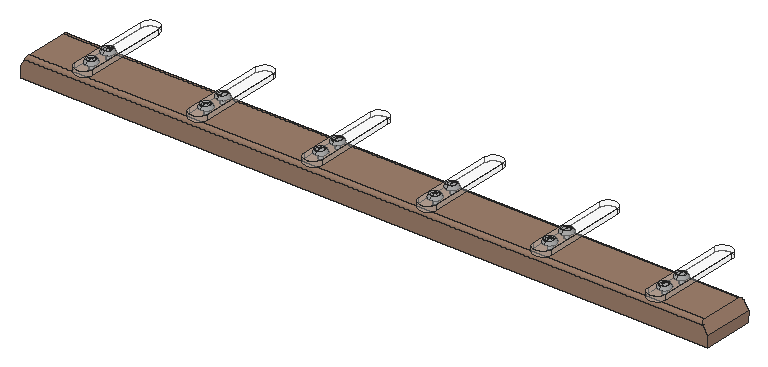
Revit family "Storage_Shelving-HangSafe_Hooks-Rack", category Specialty Equipment, host Face, Revit 2026
Family settings
  Host = Face
  Round Connector Dimension = Use Diameter
  Part Type = Normal
  Classification Number = 23.40.20.27
  Enable Cutting in Views = No
  Cut with Voids When Loaded = No
  Maintain Annotation Orientation = No
  Shared = No
  Room Calculation Point = No
Parameters (values of type "HangSafe Rack")
  URL = "http://hangsafehooks.com/"
  Rack Length [instance] = C Length  # 4' - 0"
  Product Name = "HangSafe Rack"  # constant formula
  Product Documentation Link = "http://hangsafehooks.com/wp-content/uploads/2015/07/b_Product_Submission_HangSafe-Hooks.pdf"
  Overide by Number of Hooks [instance] = no
  Number of Hooks [instance] = if(and(Overide by Number of Hooks, Overide Number of Hooks < 3), 3, if(and(Overide by Number of Hooks, Overide Number of Hooks > 40), 40, if(and(Overide by Number of Hooks), Overide Number of Hooks, C Number of Hooks)))  # 6
  Model Number [instance] = if(and([Hook Spacing - 8"], or([Hook Spacing - 6.4"], [Hook Spacing - 5 1/3"], [Hook Spacing - 10 2/3"])), "Multiple Hook Spacing Options Selected", if(and([Hook Spacing - 10 2/3"], or([Hook Spacing - 8"], [Hook Spacing - 6.4"], [Hook Spacing - 5 1/3"])), "Multiple Hook Spacing Options Selected", if(and([Hook Spacing - 5 1/3"], or([Hook Spacing - 10 2/3"], [Hook Spacing - 8"], [Hook Spacing - 6.4"])), "Multiple Hook Spacing Options Selected", if(and([Hook Spacing - 6.4"], or([Hook Spacing - 5 1/3"], [Hook Spacing - 10 2/3"], [Hook Spacing - 8"])), "Multiple Hook Spacing Options Selected", if(and([Hook Spacing - 5 1/3"], Number of Hooks = 3), "503", if(and([Hook Spacing - 5 1/3"], Number of Hooks = 4), "504", if(and([Hook Spacing - 5 1/3"], Number of Hooks = 5), "505", if(and([Hook Spacing - 5 1/3"], Number of Hooks = 6), "506", if(and([Hook Spacing - 5 1/3"], Number of Hooks = 7), "507", if(and([Hook Spacing - 5 1/3"], Number of Hooks = 8), "508", if(and([Hook Spacing - 5 1/3"], Number of Hooks = 9), "509", if(and([Hook Spacing - 5 1/3"], Number of Hooks = 10), "510", if(and([Hook Spacing - 5 1/3"], Number of Hooks = 11), "511", if(and([Hook Spacing - 5 1/3"], Number of Hooks = 12), "512", if(and([Hook Spacing - 5 1/3"], Number of Hooks = 13), "513", if(and([Hook Spacing - 5 1/3"], Number of Hooks = 14), "514", if(and([Hook Spacing - 5 1/3"], Number of Hooks = 15), "515", if(and([Hook Spacing - 5 1/3"], Number of Hooks = 16), "516", if(and([Hook Spacing - 5 1/3"], Number of Hooks = 17), "517", if(and([Hook Spacing - 5 1/3"], Number of Hooks = 18), "518", if(and([Hook Spacing - 5 1/3"], Number of Hooks = 19), "519", if(and([Hook Spacing - 5 1/3"], Number of Hooks = 20), "520", if(and([Hook Spacing - 5 1/3"], Number of Hooks = 21), "521", if(and([Hook Spacing - 5 1/3"], Number of Hooks = 22), "522", if(and([Hook Spacing - 5 1/3"], Number of Hooks = 23), "523", if(and([Hook Spacing - 5 1/3"], Number of Hooks = 24), "524", if(and([Hook Spacing - 5 1/3"], Number of Hooks = 25), "525", if(and([Hook Spacing - 5 1/3"], Number of Hooks = 26), "526", if(and([Hook Spacing - 5 1/3"], Number of Hooks = 27), "527", if(and([Hook Spacing - 5 1/3"], Number of Hooks = 28), "528", if(and([Hook Spacing - 5 1/3"], Number of Hooks = 29), "529", if(and([Hook Spacing - 5 1/3"], Number of Hooks = 30), "530", if(and([Hook Spacing - 5 1/3"], Number of Hooks = 31), "531", if(and([Hook Spacing - 5 1/3"], Number of Hooks = 32), "532", if(and([Hook Spacing - 5 1/3"], Number of Hooks = 33), "533", if(and([Hook Spacing - 5 1/3"], Number of Hooks = 34), "534", if(and([Hook Spacing - 5 1/3"], Number of Hooks = 35), "535", if(and([Hook Spacing - 5 1/3"], Number of Hooks = 36), "536", if(and([Hook Spacing - 5 1/3"], Number of Hooks = 37), "537", if(and([Hook Spacing - 5 1/3"], Number of Hooks = 38), "538", if(and([Hook Spacing - 5 1/3"], Number of Hooks = 39), "539", if(and([Hook Spacing - 5 1/3"], Number of Hooks = 40), "540", if(and([Hook Spacing - 6.4"], Number of Hooks = 3), "6403", if(and([Hook Spacing - 6.4"], Number of Hooks = 4), "6404", if(and([Hook Spacing - 6.4"], Number of Hooks = 5), "6405", if(and([Hook Spacing - 6.4"], Number of Hooks = 6), "6406", if(and([Hook Spacing - 6.4"], Number of Hooks = 7), "6407", if(and([Hook Spacing - 6.4"], Number of Hooks = 8), "6408", if(and([Hook Spacing - 6.4"], Number of Hooks = 9), "6409", if(and([Hook Spacing - 6.4"], Number of Hooks = 10), "6410", if(and([Hook Spacing - 6.4"], Number of Hooks = 11), "6411", if(and([Hook Spacing - 6.4"], Number of Hooks = 12), "6412", if(and([Hook Spacing - 6.4"], Number of Hooks = 13), "6413", if(and([Hook Spacing - 6.4"], Number of Hooks = 14), "6414", if(and([Hook Spacing - 6.4"], Number of Hooks = 15), "6415", if(and([Hook Spacing - 6.4"], Number of Hooks = 16), "6416", if(and([Hook Spacing - 6.4"], Number of Hooks = 17), "6417", if(and([Hook Spacing - 6.4"], Number of Hooks = 18), "6418", if(and([Hook Spacing - 6.4"], Number of Hooks = 19), "6419", if(and([Hook Spacing - 6.4"], Number of Hooks = 20), "6420", if(and([Hook Spacing - 6.4"], Number of Hooks = 21), "6421", if(and([Hook Spacing - 6.4"], Number of Hooks = 22), "6422", if(and([Hook Spacing - 6.4"], Number of Hooks = 23), "6423", if(and([Hook Spacing - 6.4"], Number of Hooks = 24), "6424", if(and([Hook Spacing - 6.4"], Number of Hooks = 25), "6425", if(and([Hook Spacing - 6.4"], Number of Hooks = 26), "6426", if(and([Hook Spacing - 6.4"], Number of Hooks = 27), "6427", if(and([Hook Spacing - 6.4"], Number of Hooks = 28), "6428", if(and([Hook Spacing - 6.4"], Number of Hooks = 29), "6429", if(and([Hook Spacing - 6.4"], Number of Hooks = 30), "6430", if(and([Hook Spacing - 6.4"], Number of Hooks = 31), "6431", if(and([Hook Spacing - 6.4"], Number of Hooks = 32), "6432", if(and([Hook Spacing - 6.4"], Number of Hooks = 33), "6433", if(and([Hook Spacing - 6.4"], Number of Hooks = 34), "6434", if(and([Hook Spacing - 6.4"], Number of Hooks = 35), "6435", if(and([Hook Spacing - 6.4"], Number of Hooks = 36), "6436", if(and([Hook Spacing - 6.4"], Number of Hooks = 37), "6437", if(and([Hook Spacing - 6.4"], Number of Hooks = 38), "6438", if(and([Hook Spacing - 6.4"], Number of Hooks = 39), "6439", if(and([Hook Spacing - 6.4"], Number of Hooks = 40), "6440", if(and([Hook Spacing - 8"], Number of Hooks = 3), "803", if(and([Hook Spacing - 8"], Number of Hooks = 4), "804", if(and([Hook Spacing - 8"], Number of Hooks = 5), "805", if(and([Hook Spacing - 8"], Number of Hooks = 6), "806", if(and([Hook Spacing - 8"], Number of Hooks = 7), "807", if(and([Hook Spacing - 8"], Number of Hooks = 8), "808", if(and([Hook Spacing - 8"], Number of Hooks = 9), "809", if(and([Hook Spacing - 8"], Number of Hooks = 10), "810", if(and([Hook Spacing - 8"], Number of Hooks = 11), "811", if(and([Hook Spacing - 8"], Number of Hooks = 12), "812", if(and([Hook Spacing - 8"], Number of Hooks = 13), "813", if(and([Hook Spacing - 8"], Number of Hooks = 14), "814", if(and([Hook Spacing - 8"], Number of Hooks = 15), "815", if(and([Hook Spacing - 8"], Number of Hooks = 16), "816", if(and([Hook Spacing - 8"], Number of Hooks = 17), "817", if(and([Hook Spacing - 8"], Number of Hooks = 18), "818", if(and([Hook Spacing - 8"], Number of Hooks = 19), "819", if(and([Hook Spacing - 8"], Number of Hooks = 20), "820", if(and([Hook Spacing - 8"], Number of Hooks = 21), "821", if(and([Hook Spacing - 8"], Number of Hooks = 22), "822", if(and([Hook Spacing - 8"], Number of Hooks = 23), "823", if(and([Hook Spacing - 8"], Number of Hooks = 24), "824", if(and([Hook Spacing - 8"], Number of Hooks = 25), "825", if(and([Hook Spacing - 8"], Number of Hooks = 26), "826", if(and([Hook Spacing - 8"], Number of Hooks = 27), "827", if(and([Hook Spacing - 8"], Number of Hooks = 28), "828", if(and([Hook Spacing - 8"], Number of Hooks = 29), "829", if(and([Hook Spacing - 8"], Number of Hooks = 30), "830", if(and([Hook Spacing - 8"], Number of Hooks = 31), "831", if(and([Hook Spacing - 8"], Number of Hooks = 32), "832", if(and([Hook Spacing - 8"], Number of Hooks = 33), "833", if(and([Hook Spacing - 8"], Number of Hooks = 34), "834", if(and([Hook Spacing - 8"], Number of Hooks = 35), "835", if(and([Hook Spacing - 8"], Number of Hooks = 36), "836", if(and([Hook Spacing - 8"], Number of Hooks = 37), "837", if(and([Hook Spacing - 8"], Number of Hooks = 38), "838", if(and([Hook Spacing - 8"], Number of Hooks = 39), "839", if(and([Hook Spacing - 8"], Number of Hooks = 40), "840", if(and([Hook Spacing - 10 2/3"], Number of Hooks = 3), "1003", if(and([Hook Spacing - 10 2/3"], Number of Hooks = 4), "1004", if(and([Hook Spacing - 10 2/3"], Number of Hooks = 5), "1005", if(and([Hook Spacing - 10 2/3"], Number of Hooks = 6), "1006", if(and([Hook Spacing - 10 2/3"], Number of Hooks = 7), "1007", if(and([Hook Spacing - 10 2/3"], Number of Hooks = 8), "1008", if(and([Hook Spacing - 10 2/3"], Number of Hooks = 9), "1009", if(and([Hook Spacing - 10 2/3"], Number of Hooks = 10), "1010", if(and([Hook Spacing - 10 2/3"], Number of Hooks = 11), "1011", if(and([Hook Spacing - 10 2/3"], Number of Hooks = 12), "1012", if(and([Hook Spacing - 10 2/3"], Number of Hooks = 13), "1013", if(and([Hook Spacing - 10 2/3"], Number of Hooks = 14), "1014", if(and([Hook Spacing - 10 2/3"], Number of Hooks = 15), "1015", if(and([Hook Spacing - 10 2/3"], Number of Hooks = 16), "1016", if(and([Hook Spacing - 10 2/3"], Number of Hooks = 17), "1017", if(and([Hook Spacing - 10 2/3"], Number of Hooks = 18), "1018", if(and([Hook Spacing - 10 2/3"], Number of Hooks = 19), "1019", if(and([Hook Spacing - 10 2/3"], Number of Hooks = 20), "1020", if(and([Hook Spacing - 10 2/3"], Number of Hooks = 21), "1021", if(and([Hook Spacing - 10 2/3"], Number of Hooks = 22), "1022", if(and([Hook Spacing - 10 2/3"], Number of Hooks = 23), "1023", if(and([Hook Spacing - 10 2/3"], Number of Hooks = 24), "1024", if(and([Hook Spacing - 10 2/3"], Number of Hooks = 25), "1025", if(and([Hook Spacing - 10 2/3"], Number of Hooks = 26), "1026", if(and([Hook Spacing - 10 2/3"], Number of Hooks = 27), "1027", if(and([Hook Spacing - 10 2/3"], Number of Hooks = 28), "1028", if(and([Hook Spacing - 10 2/3"], Number of Hooks = 29), "1029", if(and([Hook Spacing - 10 2/3"], Number of Hooks = 30), "1030", if(and([Hook Spacing - 10 2/3"], Number of Hooks = 31), "1031", if(and([Hook Spacing - 10 2/3"], Number of Hooks = 32), "1032", if(and([Hook Spacing - 10 2/3"], Number of Hooks = 33), "1033", if(and([Hook Spacing - 10 2/3"], Number of Hooks = 34), "1034", if(and([Hook Spacing - 10 2/3"], Number of Hooks = 35), "1035", if(and([Hook Spacing - 10 2/3"], Number of Hooks = 36), "1036", if(and([Hook Spacing - 10 2/3"], Number of Hooks = 37), "1037", if(and([Hook Spacing - 10 2/3"], Number of Hooks = 38), "1038", if(and([Hook Spacing - 10 2/3"], Number of Hooks = 39), "1039", if(and([Hook Spacing - 10 2/3"], Number of Hooks = 40), "1040", "Select Hook Spacing"))))))))))))))))))))))))))))))))))))))))))))))))))))))))))))))))))))))))))))))))))))))))))))))))))))))))))))))))))))))))))))))))))))))))))))))))))))))))))))  # "806"
  Model = "Rack"  # constant formula
  Minimum Lengths [instance] = "(Hook Spacing - 5 1/3\") 1' 4\", (Hook Spacing - 6.4\") 1' 7 1/4\", (Hook Spacing - 8\") 2', (Hook Spacing - 10 2/3\") 2' 2 5/8\""
  Maximum Lengths [instance] = "(Hook Spacing - 5 1/3\") 17' 9 3/8\", (Hook Spacing - 6.4\") 21' 4\", (Hook Spacing - 8\") 26' 8\", (Hook Spacing - 10 2/3\") 35' 1 3/8\""
  Material = ""
  Manufacturer Phone Number = "(888)-803-7403"  # constant formula
  Manufacturer Fax Number = "(417)-725-8901"  # constant formula
  Manufacturer Email = "mailto:info@hangsafehooks.com"
  Manufacturer Address = "165 E State Hwy CC Nixa, MO 65714"  # constant formula
  Manufacturer = "HangSafe Hooks"  # constant formula
  Overide Number of Hooks [instance] = 5
  Length [instance] = 4' - 0"
  Hook Spacing - 8" [instance] = yes
  Hook Spacing - 6.4" [instance] = no
  Hook Spacing - 5 1/3" [instance] = no
  Hook Spacing - 10 2/3" [instance] = no
  Hook Spacing [instance] = if(and([Hook Spacing - 8"]), "Hook Spacing - 8in", if(and([Hook Spacing - 6.4"]), "Hook Spacing - 6.4in", if(and([Hook Spacing - 5 1/3"]), "Hook Spacing - 5 1/3in", if(and([Hook Spacing - 10 2/3"]), "Hook Spacing - 10 2/3in", "Select Hook Spacing"))))  # "Hook Spacing - 8in"
  Hook Finish = Plastic - HangSafe Hooks - Polycarbonate
  C Hook Spacing [instance] = if(and([Hook Spacing - 8"]), 0' 8", if(and([Hook Spacing - 6.4"]), 0' 6 51/128", if(and([Hook Spacing - 5 1/3"]), 0' 5 85/256", if(and([Hook Spacing - 10 2/3"]), 0' 10 171/256", 0' 5 85/256"))))  # 0' - 8"
  Height = 0' - 7"  # constant formula
  Hardware Finish = Metal - HangSafe Hooks - Stainless Steel
  Finish = Solid Oak - HangSafe Hooks - Cherry Stain
  C End Hook Spacing [instance] = if(and([Hook Spacing - 8"]), 0' 4", if(and([Hook Spacing - 6.4"]), 0' 3 1/4", if(and([Hook Spacing - 5 1/3"]), 0' 2 5/8", if(and([Hook Spacing - 10 2/3"]), 0' 2 5/8", 0' 2 5/8"))))  # 0' - 4"
  Description = "HangSafe Hooks Rack System"  # constant formula
  Depth = 0' - 2"  # constant formula
  Default Elevation = 4' - 0"
  C Number of Hooks [instance] = if(and(Overide by Number of Hooks, Overide Number of Hooks < 3), 3, if(and(Overide by Number of Hooks, Overide Number of Hooks > 40), 40, if(and(Overide by Number of Hooks), Overide Number of Hooks, if(and([Hook Spacing - 10 2/3"], Length < 2' 2 5/8"), 3, if(and([Hook Spacing - 8"], Length < 2' 0"), 3, if(and([Hook Spacing - 6.4"], Length < 1' 7 1/4"), 3, if(and([Hook Spacing - 5 1/3"], Length < 1' 4"), 3, if(and([Hook Spacing - 10 2/3"], Length > 35' 1 3/8"), 40, if(and([Hook Spacing - 8"], Length > 26' 8"), 40, if(and([Hook Spacing - 6.4"], Length > 21' 4"), 40, if(and([Hook Spacing - 5 1/3"], Length > 17' 9 3/8"), 40, (Length - (C End Hook Spacing * 2)) / C Hook Spacing + 1)))))))))))  # 6
  C Length [instance] = if(and(Overide by Number of Hooks), (C Number of Hooks * C Hook Spacing), if(and([Hook Spacing - 10 2/3"], Length < 2' 2 5/8"), 2' 2 5/8", if(and([Hook Spacing - 8"], Length < 2' 0"), 2' 0", if(and([Hook Spacing - 6.4"], Length < 1' 7 1/4"), 1' 7 1/4", if(and([Hook Spacing - 5 1/3"], Length < 1' 4"), 1' 4", if(or([Hook Spacing - 8"], [Hook Spacing - 6.4"], [Hook Spacing - 5 1/3"]), (C Number of Hooks * C Hook Spacing), if(and([Hook Spacing - 10 2/3"]), (C Number of Hooks * C Hook Spacing) - 0' 5 85/256", (C Number of Hooks * C Hook Spacing))))))))  # 4' - 0"
Reference planes (in)
  plane 1 "Center (Front/Back)": y = 0
  plane 2: z = 0
  plane 3 "Center (Left/Right)": x = 0
  plane 4: x = -24
  plane 5: x = 24
  plane 6: y = 1.75
  plane 7: y = -1.75
  plane 8: y = 0.17187
  plane 9: x = 20
  plane 10: x = -20
  plane 11: z = 1.5
  plane 12: x = -24
  plane 13: x = 24
Forms (in)
  Extrusion 1, solid, material "Solid Oak - HangSafe Hooks - Cherry Stain" <- "Finish"
    sketch origin (0, 0, 0) x (0, 1, 0) y (0, 0, 1)
      loop
        line (-1.75, 1.25) -> (-1.75, 0) -> (1.75, 0) -> (1.75, 1.25)
        arc (1.75, 1.25) -> (1.67678, 1.42678) -> (1.5, 1.5) r 0.25
        line (1.5, 1.5) -> (-1.5, 1.5)
        arc (-1.5, 1.5) -> (-1.67678, 1.42678) -> (-1.75, 1.25) r 0.25
    from -24 to 24
  Extrusion 2, void
    sketch origin (0, 0, 0) x (1, 0, 0) y (0, 0, 1)
      loop
        line (23.5386, 1.5) -> (24, 0.75) -> (24, 0) -> (24.4614, 0) -> (24.4614, 2) -> (23.5386, 2) -> (23.5386, 1.5)
      loop
        line (-23.5386, 1.5) -> (-23.5386, 2) -> (-24.4614, 2) -> (-24.4614, 0) -> (-24, 0) -> (-24, 0.75) -> (-23.5386, 1.5)
    from -1.75 to 1.75
Cuts and joins
  Extrusion 2 cuts Extrusion 1
Lines and regions (in)
  Masking region 1
    outline origin (0, 0, 0) x (1, 0, 0) y (0, 0, 1)
      loop
        line (24, 0) -> (24, 0.75) -> (23.5386, 1.5) -> (-23.5386, 1.5) -> (-24, 0.75) -> (-24, 0) -> (24, 0)
Dimensions and locks (in)
  equal spacing: plane 4, plane 3 "Center (Left/Right)", plane 5
  Extrusion 2 sketch curve to plane 5 to Extrusion 2 sketch curve to Extrusion 2 sketch curve = 0' - 0.4614" locked, 0' - 0" locked, 0' - 0.4614" locked
  Extrusion 2 sketch curve to plane 4 to Extrusion 2 sketch curve to Extrusion 2 sketch curve = 0' - 0.4614" locked, 0' - 0" locked, 0' - 0.4614" locked
  plane 7 to plane 6 = 0' - 3 1/2"
  locked: plane 1 "Center (Front/Back)" to plane 8 at 0.17187
  equal spacing: group 2, group 6, group 5, group 4, group 3, group 1
  equal spacing: group 1, group 3, group 4, group 5, group 6, group 2  (x2)
  "C End Hook Spacing": plane 4 to plane 10
  "C End Hook Spacing": plane 9 to plane 5
  "C Length": plane 4 to plane 5
  Extrusion 1 sketch curve to Extrusion 1 sketch curve to Extrusion 1 sketch curve to level = 0' - 0 1/4" locked, 0' - 0" locked, 0' - 1 1/4" locked
  Extrusion 1 sketch curve to Extrusion 1 sketch curve to plane 1 "Center (Front/Back)" to Extrusion 1 sketch curve to Extrusion 1 sketch curve = 0' - 0 1/4" locked, 0' - 1 1/2" locked, 0' - 1 1/2" locked, 0' - 0 1/4" locked
  "Length": plane 12 to plane 13
  equal spacing: plane 12, plane 3 "Center (Left/Right)", plane 13
  Masking region 1 sketch curve to plane 5 to Masking region 1 sketch curve = 0' - 0.4614" locked, 0' - 0" locked
  Masking region 1 sketch curve to plane 4 to Masking region 1 sketch curve = 0' - 0.4614" locked, 0' - 0" locked
  level to Masking region 1 sketch curve to Masking region 1 sketch curve to Masking region 1 sketch curve = 0' - 0 3/4" locked, 0' - 0" locked, 0' - 0 3/4" locked
  Extrusion 2 sketch curve to Extrusion 2 sketch curve to Extrusion 2 sketch curve to Extrusion 2 sketch curve to Extrusion 2 sketch curve to Extrusion 2 sketch curve to level = 0' - 0" locked, 0' - 0 1/2" locked, 0' - 0" locked, 0' - 0 3/4" locked, 0' - 0" locked, 0' - 0 3/4" locked
  aligned and locked: plane 2 to host face
  aligned and locked: level to host face
  aligned and locked: Extrusion 1 to plane 4
  aligned and locked: Extrusion 1 to plane 5
  aligned and locked: plane 6 to Extrusion 2
  aligned and locked: plane 7 to Extrusion 2
  aligned and locked: plane 9 to nested 1
  aligned and locked: nested 2 to plane 10
  aligned and locked: plane 8 to nested 1
  aligned and locked: plane 8 to nested 2
Automatic sketch dimensions
  host sketch curve to host sketch curve = 8' - 0"  (x2)
  Extrusion 1 sketch curve to level = 0' - 0"
  Extrusion 2 sketch curve to level = 0' - 0"  (x2)
  Masking region 1 sketch curve to level = 0' - 0"
Nested families (in)
  nested 1: "Storage_Shelving-HangSafe_Hooks-Hook" at (20, 0.17187, 1.5), type "HangSafe Hook"
  nested 2: "Storage_Shelving-HangSafe_Hooks-Hook" at (-20, 0.17187, 1.5), type "HangSafe Hook"
  nested 3: "Storage_Shelving-HangSafe_Hooks-Hook" at (12, 0.17187, 1.5), type "HangSafe Hook"
  nested 4: "Storage_Shelving-HangSafe_Hooks-Hook" at (4, 0.17187, 1.5), type "HangSafe Hook"
  nested 5: "Storage_Shelving-HangSafe_Hooks-Hook" at (-4, 0.17187, 1.5), type "HangSafe Hook"
  nested 6: "Storage_Shelving-HangSafe_Hooks-Hook" at (-12, 0.17187, 1.5), type "HangSafe Hook"
Definition of nested family "Storage_Shelving-HangSafe_Hooks-Hook"
  Parameters
    Width = 0' - 1 1/4"  # constant formula
    Version = "2014 - v1.0a"  # constant formula
    URL = "http://hangsafehooks.com/"
    Product Page URL = "http://hangsafehooks.com/products/hangsafe-hooks/"
    Product Ordering URL = "http://hangsafehooks.com/coat-and-backpack-hooks/"
    Product Name = "HangSafe Hooks"  # constant formula
    Model = "Hook"  # constant formula
    Material = ""
    Manufacturer Phone Number = "(888)-803-7403"  # constant formula
    Manufacturer Fax Number = "(417)-725-8901"  # constant formula
    Manufacturer Email = "mailto:info@hangsafehooks.com"
    Manufacturer Address = "165 E State Hwy CC Nixa, MO 65714"  # constant formula
    Manufacturer = "HangSafe Hooks"  # constant formula
    Height = 0' - 7"  # constant formula
    Hardware Finish = none
    Finish = none
    Description = "Flat-profile, virtually unbreakable coat hook"  # constant formula
    Depth = 0' - 0 3/8"  # constant formula
    Default Elevation = 4' - 0"
    Copyright = "© 2016 HangSafe Hooks"  # constant formula
  Reference planes (in)
    plane 1 "Center (Front/Back)": y = 0
    plane 2: z = 0
    plane 3 "Center (Left/Right)": x = 0
    plane 4: y = 5.01898
    plane 5: y = -1.98105
    plane 6: x = -0.625
    plane 7: x = 0.625
    plane 8: z = 0.375
    plane 9: z = 0.19219
    plane 10: z = 0.875
  Forms (in)
    Extrusion 1, solid
      sketch origin (0, 0, 0) x (1, 0, 0) y (0, 1, 0)
        loop
          line (-48, 48) -> (-48, -48) -> (48, -48) -> (48, 48) -> (-48, 48)
      from 0 to -12
    Extrusion 2, solid, material <- "Finish"
      sketch origin (0, 0, 0) x (1, 0, 0) y (0, 1, 0)
        loop
          line (-0.625, 4.39398) -> (-0.625, -1.35605)
          arc (-0.625, -1.35605) -> (0, -1.98105) -> (0.625, -1.35605) r 0.625
          line (0.625, -1.35605) -> (0.625, 4.39398)
          arc (0.625, 4.39398) -> (0, 5.01898) -> (-0.625, 4.39398) r 0.625
        loop
          circle (0, 0.7345) r 0.13646
        loop
          circle (0, -0.7345) r 0.13646
      from 0 to 0.375
    Revolve 3, solid, material <- "Hardware Finish"
      sketch origin (0, 0, 0) x (0, 1, 0) y (0, 0, 1)
        loop
          line (-1.16758, 0.375) -> (-0.7345, 0.375) -> (-0.7345, 0.5664)
          arc (-0.7345, 0.5664) -> (-0.85913, 0.55368) -> (-0.9786, 0.51602) r 0.61651
          line (-0.9786, 0.51602) -> (-0.9786, 0.48489) -> (-0.90983, 0.41612) -> (-1.06093, 0.55973) -> (-1.16758, 0.375)
        axis (-0.7345, 0.375) -> (-0.7345, 0.5664)
      angle from 0 to 360
    Extrusion 4, void
      sketch origin (0, 0, 0) x (1, 0, 0) y (0, 1, 0)
        loop
          line (-0.02713, 0.87096) -> (-0.02713, 0.76163) -> (-0.13646, 0.76163) -> (-0.13646, 0.70737) -> (-0.02713, 0.70737) -> (-0.02713, 0.59804) -> (0.02713, 0.59804) -> (0.02713, 0.70737) -> (0.13646, 0.70737) -> (0.13646, 0.76163) -> (0.02713, 0.76163) -> (0.02713, 0.87096) -> (-0.02713, 0.87096)
        loop
          line (-0.02713, -0.87096) -> (0.02713, -0.87096) -> (0.02713, -0.76163) -> (0.13646, -0.76163) -> (0.13646, -0.70737) -> (0.02713, -0.70737) -> (0.02713, -0.59804) -> (-0.02713, -0.59804) -> (-0.02713, -0.70737) -> (-0.13646, -0.70737) -> (-0.13646, -0.76163) -> (-0.02713, -0.76163) -> (-0.02713, -0.87096)
      from 0.19219 to 0.875
    Revolve 5, solid, material <- "Hardware Finish"
      sketch origin (0, 0, 0) x (0, -1, 0) y (0, 0, 1)
        loop
          line (-1.16758, 0.375) -> (-0.7345, 0.375) -> (-0.7345, 0.5664)
          arc (-0.7345, 0.5664) -> (-0.85913, 0.55368) -> (-0.9786, 0.51602) r 0.61651
          line (-0.9786, 0.51602) -> (-0.9786, 0.48489) -> (-0.90983, 0.41612) -> (-1.06093, 0.55973) -> (-1.16758, 0.375)
        axis (-0.7345, 0.375) -> (-0.7345, 0.5664)
      angle from 0 to 360
    Extrusion 6, solid, material <- "Hardware Finish"
      sketch origin (0, 0, 0) x (1, 0, 0) y (0, 1, 0)
        loop
          line (0.02713, 0.76163) -> (0.02713, 0.87096) -> (-0.02713, 0.87096) -> (-0.02713, 0.76163) -> (-0.13646, 0.76163) -> (-0.13646, 0.70737) -> (-0.02713, 0.70737) -> (-0.02713, 0.59804) -> (0.02713, 0.59804) -> (0.02713, 0.70737) -> (0.13646, 0.70737) -> (0.13646, 0.76163) -> (0.02713, 0.76163)
        loop
          line (0.02713, -0.70737) -> (0.02713, -0.59804) -> (-0.02713, -0.59804) -> (-0.02713, -0.70737) -> (-0.13646, -0.70737) -> (-0.13646, -0.76163) -> (-0.02713, -0.76163) -> (-0.02713, -0.87096) -> (0.02713, -0.87096) -> (0.02713, -0.76163) -> (0.13646, -0.76163) -> (0.13646, -0.70737) -> (0.02713, -0.70737)
      from 0.375 to 0.48489
    Extrusion 7, solid, material <- "Hardware Finish"
      sketch origin (0, 0, 0) x (1, 0, 0) y (0, 1, 0)
        loop
          circle (0, -0.7345) r 0.13646
        loop
          circle (0, 0.7345) r 0.13646
      from 0 to 0.375
  Cuts and joins
    Extrusion 4 cuts Revolve 3
    Extrusion 4 cuts Revolve 5
    joined: Revolve 3, Revolve 5, Extrusion 6, Extrusion 7
  Lines and regions (in)
    Masking region 1
      outline origin (0, 0, 0) x (1, 0, 0) y (0, 0, 1)
        loop
          line (0.625, 0.375) -> (0.43308, 0.375) -> (0.32643, 0.55973) -> (0, 0.55973) -> (-0.32643, 0.55973) -> (-0.43308, 0.375) -> (-0.625, 0.375) -> (-0.625, 0) -> (0.625, 0) -> (0.625, 0.375)
    symbolic lines, detail levels medium+fine
      curve 1: line (0.43308, 0, 0.375) -> (-0.43308, 0, 0.375)
  Dimensions and locks (in)
    plane 5 to plane 4 = 0' - 7.00003"
    plane 6 to plane 7 = 0' - 1 1/4"
    Extrusion 1 to plane 8 = 0' - 0 3/8"
    locked: Revolve 3 sketch curve to plane 1 "Center (Front/Back)" at 0.7345
    Revolve 3 sketch curve to Revolve 3 sketch curve to Revolve 3 sketch curve to Revolve 3 sketch curve to Revolve 3 sketch curve to Revolve 3 sketch curve to plane 1 "Center (Front/Back)" = 0' - 0.10665" locked, 0' - 0.08233" locked, 0' - 0" locked, 0' - 0.06877" locked, 0' - 0.17533" locked, 0' - 0.7345" locked
    Revolve 3 sketch curve to Revolve 3 sketch curve to Revolve 3 sketch curve to Revolve 3 sketch curve to Revolve 3 sketch curve to Revolve 3 sketch curve to level = 0' - 0.00668" locked, 0' - 0.04371" locked, 0' - 0.03113" locked, 0' - 0.06877" locked, 0' - 0.04112" locked, 0' - 0 3/8" locked
    locked: plane 1 "Center (Front/Back)" to Revolve 5 sketch curve at 0.7345
    plane 1 "Center (Front/Back)" to Revolve 5 sketch curve to Revolve 5 sketch curve to Revolve 5 sketch curve to Revolve 5 sketch curve to Revolve 5 sketch curve to Revolve 5 sketch curve = 0' - 0.7345" locked, 0' - 0.17533" locked, 0' - 0.06877" locked, 0' - 0" locked, 0' - 0.08233" locked, 0' - 0.10665" locked
    Revolve 5 sketch curve to Revolve 5 sketch curve to Revolve 5 sketch curve to Revolve 5 sketch curve to Revolve 5 sketch curve to Revolve 5 sketch curve to level = 0' - 0.00668" locked, 0' - 0.04371" locked, 0' - 0.03113" locked, 0' - 0.06877" locked, 0' - 0.04112" locked, 0' - 0 3/8" locked
    plane 10 to plane 9 to level = 0' - 0.68281" locked, 0' - 0.19219" locked
    Extrusion 4 sketch curve to Extrusion 4 sketch curve to Extrusion 4 sketch curve to Extrusion 4 sketch curve to Extrusion 4 sketch curve to Extrusion 4 sketch curve to plane 3 "Center (Left/Right)" to Extrusion 4 sketch curve to Extrusion 4 sketch curve to Extrusion 4 sketch curve to Extrusion 4 sketch curve to Extrusion 4 sketch curve to Extrusion 4 sketch curve = 0' - 0" locked, 0' - 0.10934" locked, 0' - 0" locked, 0' - 0" locked, 0' - 0" locked, 0' - 0.02713" locked, 0' - 0.02713" locked, 0' - 0" locked, 0' - 0" locked, 0' - 0" locked, 0' - 0.10934" locked, 0' - 0" locked
    Extrusion 4 sketch curve to Extrusion 4 sketch curve to Extrusion 4 sketch curve to Extrusion 4 sketch curve to Extrusion 4 sketch curve to Extrusion 4 sketch curve to plane 1 "Center (Front/Back)" to Extrusion 4 sketch curve to Extrusion 4 sketch curve to Extrusion 4 sketch curve to Extrusion 4 sketch curve to Extrusion 4 sketch curve to Extrusion 4 sketch curve = 0' - 0.10934" locked, 0' - 0" locked, 0' - 0.05425" locked, 0' - 0" locked, 0' - 0.10934" locked, 0' - 0.59804" locked, 0' - 0.59804" locked, 0' - 0.10934" locked, 0' - 0" locked, 0' - 0.05425" locked, 0' - 0" locked, 0' - 0.10934" locked
    plane 3 "Center (Left/Right)" to Extrusion 7 sketch curve to Extrusion 7 sketch curve = 0' - 0" locked, 0' - 0" locked
    Extrusion 7 sketch curve to plane 1 "Center (Front/Back)" to Extrusion 7 sketch curve = 0' - 0.7345" locked, 0' - 0.7345" locked
    Extrusion 6 sketch curve to Extrusion 6 sketch curve to Extrusion 6 sketch curve to Extrusion 6 sketch curve to Extrusion 6 sketch curve to Extrusion 6 sketch curve to plane 1 "Center (Front/Back)" to Extrusion 6 sketch curve to Extrusion 6 sketch curve to Extrusion 6 sketch curve to Extrusion 6 sketch curve to Extrusion 6 sketch curve to Extrusion 6 sketch curve = 0' - 0.10934" locked, 0' - 0" locked, 0' - 0.05425" locked, 0' - 0" locked, 0' - 0.10934" locked, 0' - 0.59804" locked, 0' - 0.59804" locked, 0' - 0.10934" locked, 0' - 0" locked, 0' - 0.05425" locked, 0' - 0" locked, 0' - 0.10934" locked
    Extrusion 6 sketch curve to Extrusion 6 sketch curve to Extrusion 6 sketch curve to Extrusion 6 sketch curve to Extrusion 6 sketch curve to Extrusion 6 sketch curve to plane 3 "Center (Left/Right)" to Extrusion 6 sketch curve to Extrusion 6 sketch curve to Extrusion 6 sketch curve to Extrusion 6 sketch curve to Extrusion 6 sketch curve to Extrusion 6 sketch curve = 0' - 0" locked, 0' - 0.10934" locked, 0' - 0" locked, 0' - 0" locked, 0' - 0" locked, 0' - 0.02713" locked, 0' - 0.02713" locked, 0' - 0" locked, 0' - 0" locked, 0' - 0" locked, 0' - 0.10934" locked, 0' - 0" locked
    Extrusion 2 sketch curve to Extrusion 2 sketch curve to Extrusion 2 sketch curve to Extrusion 2 sketch curve to plane 1 "Center (Front/Back)" to Extrusion 2 sketch curve to Extrusion 2 sketch curve to Extrusion 2 sketch curve to Extrusion 2 sketch curve = 0' - 0" locked, 0' - 0.62155" locked, 0' - 0" locked, 0' - 0.7345" locked, 0' - 0.7345" locked, 0' - 0" locked, 0' - 3.65948" locked, 0' - 0" locked
    Extrusion 2 sketch curve to Extrusion 2 sketch curve to plane 3 "Center (Left/Right)" to Extrusion 2 sketch curve to Extrusion 2 sketch curve to Extrusion 2 sketch curve to Extrusion 2 sketch curve to Extrusion 2 sketch curve to Extrusion 2 sketch curve = 0' - 0" locked, 0' - 0 5/8" locked, 0' - 0" locked, 0' - 0" locked, 0' - 0" locked, 0' - 0" locked, 0' - 0 5/8" locked, 0' - 0" locked  (x2)
    aligned and locked: plane 2 to Extrusion 1
    aligned and locked: level to Extrusion 1
    aligned and locked: Extrusion 2 to plane 8
    aligned and locked: plane 10 to Extrusion 4
    aligned and locked: Extrusion 4 to plane 9
